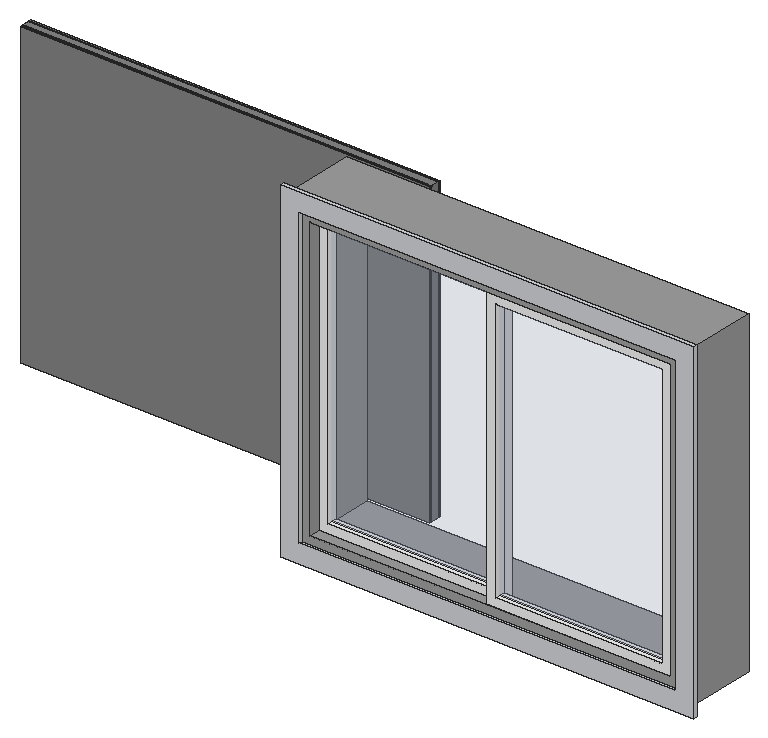
Revit family "חלון פלדה חד כנפי וחלון אלומיניום כנף על כנף", category Windows, host Wall, Revit 2020
Family settings
  Host = Wall
  Always vertical = Yes
  Cut with Voids When Loaded = No
  Shared = No
  Room Calculation Point = No
Parameters (values of type "חלון מרחב מוגן")
  פתיחה משמאל [instance] = yes
  פתיחה מימן [instance] = yes
  פתיחה = Width actual  # 1000 mm
  חומר = Default
  גובה = 1200 mm
  rohav plata yahasi = Width actual - 670 mm  # 330 mm
  rohav klali = Width actual + 17 mm  # 1017 mm
  Width actual = if(Width < 800 mm, 800 mm, (if(Width > 1000 mm, 1000 mm, Width)))  # 1000 mm
  Height = 800 mm
  Heght actual = if(Height < 800 mm, 800 mm, (if(Height > 1000 mm, 1000 mm, Height)))  # 800 mm
  Define Thermal Properties by = Schematic Type
  Default Sill Height = 1080 mm
  Wall Closure = By host
  Width = 1000 mm
  Created by = "ארפל אלומאיר בע\"מ"
  Assembly Code = ""
  Analytic Construction = "<None>"
  עובי פלטה 32 מ"מ [instance] = yes
  עובי פלטה 24 מ"מ [instance] = yes
  עובי פלטה 18 מ"מ [instance] = yes
Reference planes
  plane 1: y = 29
  plane 2 "Center (Left/Right)": x = 0
  plane 3 "Left": x = -500
  plane 4 "Right": x = 500
  plane 5 "Sill": z = 1000
  plane 6 "Exterior": y = 150
  plane 7 "Interior": y = -150
  plane 8: y = -31
  plane 9: x = -1517
  plane 10 "top": z = 1800
  plane 11: x = 1517
  plane 12: x = -300
  plane 13: x = -1320
  plane 14: x = 1320
  plane 15: y = -150
  plane 16: y = -163
Forms (mm)
  Extrusion 1, void
    sketch origin (0, 0, 0) x (1, 0, 0) y (0, 1, 0)
      loop
        line (-500, 29) -> (-500, -150) -> (500, -150) -> (500, 150) -> (-500, 150) -> (-500, 29)
    from 1000 to 1800
  Sweep 2, solid, material "Default 2"
    path origin (0, -150, 0) x (1, 0, 0) y (0, 0, 1)
      loop
        line (-500, 1800) -> (-500, 1000) -> (500, 1000) -> (500, 1800) -> (-500, 1800)
    profile origin (0, -150, 1800) x (0, 0, 1) y (0, -1, 0)
      loop
        line (0, 0) -> (-50, 0) -> (-50, -179) -> (0, -179) -> (0, 0)
  Extrusion 3, void
    sketch origin (0, 0, 0) x (1, 0, 0) y (0, 1, 0)
      loop
        line (-500, 138.5) -> (-1517, 138.5) -> (-1517, 29) -> (-500, 29) -> (-500, 138.5)
    from 1045 to 1800
  Extrusion 4, solid, material "Iron", visible <- "עובי פלטה 24 מ"מ"
    sketch origin (0, 33, 0) x (1, 0, 0) y (0, 1, 0)
      loop
        line (-1320, 30) -> (-1320, 6) -> (-300, 6) -> (-300, 30) -> (-1320, 30)
    from 1050 to 1800
  Sweep 5, solid
    path origin (0, -150, 0) x (1, 0, 0) y (0, 0, 1)
      loop
        line (-500, 1800) -> (-500, 1000) -> (500, 1000) -> (500, 1800) -> (-500, 1800)
    profile origin (0, -150, 1800) x (0, 0, 1) y (0, -1, 0)
      loop
        line (15, 0) -> (15, 10) -> (-30, 10) -> (-30, 0) -> (15, 0)
  Extrusion 6, solid, not visible
    sketch origin (-425, -188, 0) x (1, 0, 0) y (0, 0, 1)
      loop
        line (7.438, 1439.46) -> (22.917, 1439.46)
        arc (22.917, 1439.46) -> (26.109, 1442.765) -> (27.273, 1447.211) r 9.072
        line (27.273, 1447.211) -> (27.273, 1554.388)
        arc (27.273, 1554.388) -> (24.616, 1560.803) -> (18.201, 1563.46) r 9.072
        line (18.201, 1563.46) -> (12.153, 1563.46)
        arc (12.153, 1563.46) -> (5.738, 1560.803) -> (3.081, 1554.388) r 9.072
        line (3.081, 1554.388) -> (3.081, 1447.211)
        arc (3.081, 1447.211) -> (4.245, 1442.765) -> (7.438, 1439.46) r 9.072
    from 67.25 to 79
  Extrusion 7, solid, not visible
    sketch origin (-425, -188, 0) x (1, 0, 0) y (0, 0, 1)
      loop
        arc (15.417, 1392.78) -> (19.603, 1394.445) -> (21.502, 1398.53) r 6.095
        line (21.502, 1398.53) -> (26.004, 1508.223)
        arc (26.004, 1508.223) -> (24.361, 1512.719) -> (19.966, 1514.613) r 6.048
        line (19.966, 1514.613) -> (10.389, 1514.613)
        arc (10.389, 1514.613) -> (5.993, 1512.719) -> (4.35, 1508.223) r 6.048
        line (4.35, 1508.223) -> (8.847, 1398.525)
        arc (8.847, 1398.525) -> (10.924, 1394.271) -> (15.417, 1392.78) r 6.104
    from 67.25 to 88.3
  Extrusion 8, solid, not visible
    sketch origin (-445, -95.75, 0) x (1, 0, 0) y (0, 0, 1)
      loop
        line (7.438, 1439.46) -> (22.917, 1439.46)
        arc (22.917, 1439.46) -> (26.109, 1442.765) -> (27.273, 1447.211) r 9.072
        line (27.273, 1447.211) -> (27.273, 1554.388)
        arc (27.273, 1554.388) -> (24.616, 1560.803) -> (18.201, 1563.46) r 9.072
        line (18.201, 1563.46) -> (12.153, 1563.46)
        arc (12.153, 1563.46) -> (5.738, 1560.803) -> (3.081, 1554.388) r 9.072
        line (3.081, 1554.388) -> (3.081, 1447.211)
        arc (3.081, 1447.211) -> (4.245, 1442.765) -> (7.438, 1439.46) r 9.072
    from 67.25 to 79
  Extrusion 9, solid, not visible
    sketch origin (-445, -95.75, 0) x (1, 0, 0) y (0, 0, 1)
      loop
        arc (15.417, 1392.78) -> (19.603, 1394.445) -> (21.502, 1398.53) r 6.095
        line (21.502, 1398.53) -> (26.004, 1508.223)
        arc (26.004, 1508.223) -> (24.361, 1512.719) -> (19.966, 1514.613) r 6.048
        line (19.966, 1514.613) -> (10.389, 1514.613)
        arc (10.389, 1514.613) -> (5.993, 1512.719) -> (4.35, 1508.223) r 6.048
        line (4.35, 1508.223) -> (8.847, 1398.525)
        arc (8.847, 1398.525) -> (10.924, 1394.271) -> (15.417, 1392.78) r 6.104
    from 67.25 to 88.3
  Extrusion 10, solid, material "Iron", visible <- "עובי פלטה 24 מ"מ", not visible
    sketch origin (0, 33, 0) x (1, 0, 0) y (0, 1, 0)
      loop
        line (-830, 30) -> (-830, 6) -> (-300, 6) -> (-300, 30) -> (-830, 30)
    from 1050 to 1800
  Extrusion 11, solid, material "Iron", visible <- "עובי פלטה 24 מ"מ", not visible
    sketch origin (0, 33, 0) x (-1, 0, 0) y (0, -1, 0)
      loop
        line (-830, -30) -> (-300, -30) -> (-300, -6) -> (-830, -6) -> (-830, -30)
    from 1050 to 1800
  Extrusion 12, solid, material "Iron", visible <- "עובי פלטה 18 מ"מ"
    sketch origin (0, 33, 0) x (1, 0, 0) y (0, 1, 0)
      loop
        line (-1320, 27) -> (-1320, 9) -> (-300, 9) -> (-300, 27) -> (-1320, 27)
    from 1050 to 1800
  Extrusion 13, solid, material "Iron", visible <- "עובי פלטה 18 מ"מ", not visible
    sketch origin (0, 33, 0) x (1, 0, 0) y (0, 1, 0)
      loop
        line (-830, 27) -> (-830, 9) -> (-300, 9) -> (-300, 27) -> (-830, 27)
    from 1050 to 1800
  Extrusion 14, solid, material "Iron", visible <- "עובי פלטה 18 מ"מ", not visible
    sketch origin (0, 33, 0) x (-1, 0, 0) y (0, -1, 0)
      loop
        line (-830, -27) -> (-300, -27) -> (-300, -9) -> (-830, -9) -> (-830, -27)
    from 1050 to 1800
  Extrusion 15, solid, material "Iron", visible <- "עובי פלטה 32 מ"מ"
    sketch origin (0, 33, 0) x (1, 0, 0) y (0, 1, 0)
      loop
        line (-1320, 34) -> (-1320, 2) -> (-300, 2) -> (-300, 34) -> (-1320, 34)
    from 1050 to 1800
  Extrusion 16, solid, material "Iron", visible <- "עובי פלטה 32 מ"מ", not visible
    sketch origin (0, 33, 0) x (1, 0, 0) y (0, 1, 0)
      loop
        line (-830, 34) -> (-830, 2) -> (-300, 2) -> (-300, 34) -> (-830, 34)
    from 1050 to 1800
  Extrusion 17, solid, material "Iron", visible <- "עובי פלטה 32 מ"מ", not visible
    sketch origin (0, 33, 0) x (-1, 0, 0) y (0, -1, 0)
      loop
        line (-830, -34) -> (-300, -34) -> (-300, -2) -> (-830, -2) -> (-830, -34)
    from 1050 to 1800
  Extrusion 18, solid, material "Glass", not visible
    sketch origin (0, -84.75, 0) x (1, 0, 0) y (0, 1, 0)
      loop
        line (385, -1) -> (-385, -1) -> (-385, -11) -> (385, -11) -> (385, -1)
    from 1115 to 1685
  Sweep 19, solid, material "aluminium", not visible
    path origin (0, -57.75, 0) x (1, 0, 0) y (0, 0, 1)
      loop
        line (450, 1750) -> (-450, 1750) -> (-450, 1050) -> (450, 1050) -> (450, 1750)
    profile origin (0, -57.75, 1750) x (0, 0, -1) y (0, -1, 0)
      loop
        line (65, 33) -> (65, 85.25)
        arc (65, 85.25) -> (59.142, 99.392) -> (45, 105.25) r 20
        line (45, 105.25) -> (0, 105.25) -> (0, 20.25) -> (65, 20.25) -> (65, 33)
  Extrusion 20, solid, material "Glass", not visible
    sketch origin (0, -84.75, 0) x (1, 0, 0) y (0, 1, 0)
      loop
        line (385, -1) -> (-385, -1) -> (-385, -11) -> (385, -11) -> (385, -1)
    from 1115 to 1885
  Extrusion 21, solid, material "aluminium", not visible
    sketch origin (-425, -188, 0) x (1, 0, 0) y (0, 0, 1)
      loop
        line (-25, 1950) -> (-25, 1050) -> (875, 1050) -> (875, 1950) -> (-25, 1950)
      loop
        line (810, 1115) -> (810, 1885) -> (40, 1885) -> (40, 1115) -> (810, 1115)
    from -110 to -25
  Extrusion 22, solid, material "aluminium"
    sketch origin (-425, -151, 0) x (1, 0, 0) y (0, 0, 1)
      loop
        line (-25, 1750) -> (-25, 1050) -> (435.5, 1050) -> (435.5, 1750) -> (-25, 1750)
      loop
        line (-4, 1729) -> (-4, 1071) -> (414.5, 1071) -> (414.5, 1729) -> (-4, 1729)
    from -54.75 to -29.25
  Extrusion 23, solid, material "Glass"
    sketch origin (-5000, 161.5, 0) x (-1, 0, 0) y (0, 0, 1)
      loop
        line (-4989.5, 1729) -> (-4989.5, 1071) -> (-4571, 1071) -> (-4571, 1729) -> (-4989.5, 1729)
    from -272.5 to -268.5
  Extrusion 24, solid, material "aluminium"
    sketch origin (425, -176.5, 0) x (-1, 0, 0) y (0, 0, -1)
      loop
        line (-25, -1750) -> (435.5, -1750) -> (435.5, -1050) -> (-25, -1050) -> (-25, -1750)
      loop
        line (-4, -1729) -> (414.5, -1729) -> (414.5, -1071) -> (-4, -1071) -> (-4, -1729)
    from -54.75 to -29.25
  Extrusion 25, solid, material "Glass"
    sketch origin (5000, 136, 0) x (1, 0, 0) y (0, 0, -1)
      loop
        line (-4989.5, -1729) -> (-4571, -1729) -> (-4571, -1071) -> (-4989.5, -1071) -> (-4989.5, -1729)
    from -272.5 to -268.5
Lines and regions (mm)
  symbolic lines, visible <- "עובי פלטה 24 מ"מ"
    curve 1: line (-300, 39, 0) -> (-1320, 39, 0)
    curve 2: line (-1320, 39, 0) -> (-1320, 63, 0)
    curve 3: line (-1320, 63, 0) -> (-300, 63, 0)
    curve 4: line (-300, 63, 0) -> (-300, 39, 0)
  symbolic lines, visible <- "עובי פלטה 24 מ"מ", not visible
    curve 5: line (-300, 39, 0) -> (-830, 39, 0)
    curve 6: line (-830, 39, 0) -> (-830, 63, 0)
    curve 7: line (-830, 63, 0) -> (-300, 63, 0)
    curve 8: line (-300, 63, 0) -> (-300, 39, 0)
    curve 9: line (300, 39, 0) -> (830, 39, 0)
    curve 10: line (300, 63, 0) -> (300, 39, 0)
    curve 11: line (830, 63, 0) -> (300, 63, 0)
    curve 12: line (830, 39, 0) -> (830, 63, 0)
  symbolic lines, visible <- "עובי פלטה 18 מ"מ"
    curve 13: line (-300, 42, 0) -> (-1320, 42, 0)
    curve 14: line (-1320, 42, 0) -> (-1320, 60, 0)
    curve 15: line (-1320, 60, 0) -> (-300, 60, 0)
    curve 16: line (-300, 60, 0) -> (-300, 42, 0)
  symbolic lines, visible <- "עובי פלטה 18 מ"מ", not visible
    curve 17: line (-300, 42, 0) -> (-830, 42, 0)
    curve 18: line (-830, 42, 0) -> (-830, 60, 0)
    curve 19: line (-830, 60, 0) -> (-300, 60, 0)
    curve 20: line (-300, 60, 0) -> (-300, 42, 0)
    curve 21: line (300, 42, 0) -> (830, 42, 0)
    curve 22: line (300, 60, 0) -> (300, 42, 0)
    curve 23: line (830, 60, 0) -> (300, 60, 0)
    curve 24: line (830, 42, 0) -> (830, 60, 0)
  symbolic lines, visible <- "עובי פלטה 32 מ"מ"
    curve 25: line (-300, 35, 0) -> (-1320, 35, 0)
    curve 26: line (-1320, 35, 0) -> (-1320, 67, 0)
    curve 27: line (-1320, 67, 0) -> (-300, 67, 0)
    curve 28: line (-300, 67, 0) -> (-300, 35, 0)
  symbolic lines, visible <- "עובי פלטה 32 מ"מ", not visible
    curve 29: line (-300, 35, 0) -> (-830, 35, 0)
    curve 30: line (-830, 35, 0) -> (-830, 67, 0)
    curve 31: line (-830, 67, 0) -> (-300, 67, 0)
    curve 32: line (-300, 67, 0) -> (-300, 35, 0)
    curve 33: line (300, 35, 0) -> (830, 35, 0)
    curve 34: line (300, 67, 0) -> (300, 35, 0)
    curve 35: line (830, 67, 0) -> (300, 67, 0)
    curve 36: line (830, 35, 0) -> (830, 67, 0)
  symbolic lines, style "opening direc", not visible
    curve 37: line (1361.914, -1623.038, 0) -> (1361.914, -723.038, 0)
    curve 38: line (1386.914, -723.038, 0) -> (1386.914, -1623.038, 0)
    curve 39: arc (1361.914, -1623.038, 0) -> (1998.31, -1359.434, 0) -> (2261.914, -723.038, 0) r 900
  symbolic lines, not visible
    curve 40: line (2141.818, -1527.522, 0) -> (2090.818, -1527.522, 0)
    curve 41: line (2141.818, -1527.522, 0) -> (2141.818, -627.274, 0)
    curve 42: line (2141.818, -627.274, 0) -> (2090.818, -627.274, 0)
    curve 43: line (2090.818, -1527.522, 0) -> (2090.818, -627.274, 0)
    curve 44: arc (2090.818, -627.274, 0) -> (1486.442, -908.224, 0) -> (1240.126, -1527.522, 0) r 901.691
    curve 45: line (2090.818, -772.274, 0) -> (2066.818, -772.274, 0)
    curve 46: line (2066.818, -772.274, 0) -> (2066.818, -747.274, 0)
    curve 47: line (2066.818, -747.274, 0) -> (2090.818, -747.274, 0)
    curve 48: line (2141.818, -772.274, 0) -> (2161.818, -772.274, 0)
    curve 49: line (2161.818, -772.274, 0) -> (2161.818, -747.274, 0)
    curve 50: line (2161.818, -747.274, 0) -> (2141.818, -747.274, 0)
Text (mm)
  text "EXTERIOR" at (1298.082, 1332.353, 0), in view "Ref. Level"
  text "INTERIOR" at (1279.819, -818.386, 0), in view "Ref. Level"
  text "Exterior" at (0, 923.751, 2943.296), in view "Right"
  text "Exterior" at (0, 1040.484, 2685.409), in view "Left"
  text "Tovna" at (-1939.058, 1289.075, 0), in view "Ref. Level"
  text "Tovna" at (884.093, -510.143, 0), in view "Ref. Level"
Dimensions and locks
  equal spacing: plane 3 "Left", plane 2 "Center (Left/Right)", plane 4 "Right"
  "Width actual": plane 3 "Left" to plane 4 "Right"
  plane 5 "Sill" to level = 1000 mm
  locked: plane 6 "Exterior" to host wall
  locked: plane 7 "Interior" to host wall
  "rohav klali": plane 9 to plane 3 "Left"
  "Heght actual": plane 10 "top" to plane 5 "Sill"
  plane 1 to plane 6 "Exterior" = 121 mm
  Extrusion 4 to Extrusion 4 = 24 mm
  equal spacing: plane 9, plane 2 "Center (Left/Right)", plane 11
  plane 3 "Left" to plane 4 "Right" = 1000 mm
  plane 6 "Exterior" to Sweep 2 = 121 mm
  plane 6 "Exterior" to Extrusion 15 = 83 mm
  curve 3 to plane 6 "Exterior" = 87 mm
  plane 6 "Exterior" to Extrusion 12 = 90 mm
  locked: plane 3 "Left" to plane 12 at 200
  equal spacing: plane 13, plane 2 "Center (Left/Right)", plane 14
  locked: plane 9 to plane 13 at 197
  locked: curve 47 to curve 42 at 120
  locked: plane 16 to plane 15 at 13
  locked: Extrusion 23 to Extrusion 23 at 4
  locked: Extrusion 22 to Extrusion 22 at 25.5
  locked: Extrusion 24 to Extrusion 24 at 25.5
  locked: Extrusion 25 to Extrusion 25 at 4
  locked: plane 15 to Extrusion 22 at 28.25
  locked: plane 15 to Extrusion 24 at 2.75
  locked: Extrusion 22 to Extrusion 23 at 14.75
  locked: Extrusion 24 to Extrusion 25 at 14.75
  aligned and locked: plane 1 to Sweep 2
  aligned and locked: plane 9 to Extrusion 3
  aligned and locked: Sweep 2 to Sweep 5
  aligned and locked: plane 10 "top" to Sweep 2
  aligned and locked: plane 10 "top" to Extrusion 4
  aligned and locked: Extrusion 1 to Sweep 2
  aligned and locked: Sweep 2 to Extrusion 3
  aligned and locked: Sweep 19 to Sweep 19  (x2)
  aligned and locked: Extrusion 15 to plane 12
  aligned and locked: Extrusion 12 to plane 12
  aligned and locked: Extrusion 4 to plane 12
  aligned and locked: plane 13 to Extrusion 15
  aligned and locked: plane 13 to Extrusion 12
  aligned and locked: plane 13 to Extrusion 4
  aligned and locked: curve 26 to plane 13
  aligned and locked: Extrusion 15 to Extrusion 12
  aligned and locked: Extrusion 15 to plane 10 "top"
  aligned and locked: plane 10 "top" to Extrusion 15
  aligned and locked: Extrusion 12 to plane 10 "top"
  aligned and locked: plane 15 to plane 7 "Interior"
  aligned and locked: Extrusion 23 to Extrusion 22  (x4)
Automatic sketch dimensions
  Extrusion 6 sketch curve to Extrusion 6 sketch curve = 9.072 mm  (x2)
  Extrusion 6 sketch curve to Extrusion 6 sketch curve = 6.048 mm  (x2)
  Extrusion 6 sketch curve to Extrusion 6 sketch curve = 0 mm
  Extrusion 6 sketch curve to Extrusion 6 sketch curve = 107.178 mm
  Extrusion 6 sketch curve to Extrusion 6 sketch curve = 4.356 mm  (x2)
  Extrusion 7 sketch curve to Extrusion 7 sketch curve = 6.038 mm  (x2)
  Extrusion 7 sketch curve to Extrusion 7 sketch curve = 6.095 mm
  Extrusion 7 sketch curve to Extrusion 7 sketch curve = 0.476 mm
  Extrusion 7 sketch curve to Extrusion 7 sketch curve = 9.577 mm
  Extrusion 7 sketch curve to Extrusion 7 sketch curve = 6.085 mm
  Extrusion 7 sketch curve to Extrusion 7 sketch curve = 0.005 mm
  Extrusion 7 sketch curve to Extrusion 7 sketch curve = 0.34 mm
  Extrusion 7 sketch curve to Extrusion 7 sketch curve = 109.697 mm
  Extrusion 7 sketch curve to Extrusion 7 sketch curve = 0 mm
  Extrusion 7 sketch curve to Extrusion 7 sketch curve = 0.342 mm
  Extrusion 7 sketch curve to Extrusion 7 sketch curve = 4.497 mm
  Extrusion 8 sketch curve to Extrusion 8 sketch curve = 9.072 mm  (x2)
  Extrusion 8 sketch curve to Extrusion 8 sketch curve = 6.048 mm  (x2)
  Extrusion 8 sketch curve to Extrusion 8 sketch curve = 0 mm
  Extrusion 8 sketch curve to Extrusion 8 sketch curve = 107.178 mm
  Extrusion 8 sketch curve to Extrusion 8 sketch curve = 4.356 mm  (x2)
  Extrusion 9 sketch curve to Extrusion 9 sketch curve = 6.038 mm  (x2)
  Extrusion 9 sketch curve to Extrusion 9 sketch curve = 6.095 mm
  Extrusion 9 sketch curve to Extrusion 9 sketch curve = 0.476 mm
  Extrusion 9 sketch curve to Extrusion 9 sketch curve = 9.577 mm
  Extrusion 9 sketch curve to Extrusion 9 sketch curve = 6.085 mm
  Extrusion 9 sketch curve to Extrusion 9 sketch curve = 0.005 mm
  Extrusion 9 sketch curve to Extrusion 9 sketch curve = 0.34 mm
  Extrusion 9 sketch curve to Extrusion 9 sketch curve = 109.697 mm
  Extrusion 9 sketch curve to Extrusion 9 sketch curve = 0 mm
  Extrusion 9 sketch curve to Extrusion 9 sketch curve = 0.342 mm
  Extrusion 9 sketch curve to Extrusion 9 sketch curve = 4.497 mm
  Extrusion 10 sketch curve to Extrusion 10 sketch curve = 24 mm
  Extrusion 11 sketch curve to Extrusion 11 sketch curve = 24 mm
  Extrusion 10 sketch curve to Extrusion 10 sketch curve = 530 mm
  Extrusion 11 sketch curve to Extrusion 11 sketch curve = 530 mm
  Extrusion 13 sketch curve to Extrusion 13 sketch curve = 18 mm
  Extrusion 14 sketch curve to Extrusion 14 sketch curve = 18 mm
  Extrusion 13 sketch curve to Extrusion 13 sketch curve = 530 mm
  Extrusion 14 sketch curve to Extrusion 14 sketch curve = 530 mm
  Extrusion 16 sketch curve to Extrusion 16 sketch curve = 32 mm
  Extrusion 17 sketch curve to Extrusion 17 sketch curve = 32 mm
  Extrusion 16 sketch curve to Extrusion 16 sketch curve = 530 mm
  Extrusion 17 sketch curve to Extrusion 17 sketch curve = 530 mm
  Extrusion 18 sketch curve to Extrusion 18 sketch curve = 770 mm
  Extrusion 18 sketch curve to Extrusion 18 sketch curve = 10 mm
  Sweep 19 sketch curve to profile plane = 0 mm
  Sweep 19 sketch curve to profile plane = 45 mm
  Sweep 19 sketch curve to Sweep 19 sketch curve = 20 mm
  profile plane to Sweep 19 sketch curve = 20.25 mm
  Sweep 19 sketch curve to Sweep 19 sketch curve = 12.75 mm
  Sweep 19 sketch curve to Sweep 19 sketch curve = 52.25 mm
  Sweep 19 sketch curve to Sweep 19 sketch curve = 900 mm
  Sweep 19 sketch curve to Sweep 19 sketch curve = 700 mm
  curve 26 to curve 27 = 1020 mm
  curve 25 to curve 27 = 32 mm
  curve 30 to curve 31 = 530 mm
  curve 29 to curve 33 = 600 mm
  curve 33 to curve 33 = 530 mm
  curve 29 to curve 36 = 0 mm
  curve 29 to curve 31 = 32 mm
  curve 33 to curve 34 = 32 mm
  Extrusion 20 sketch curve to Extrusion 20 sketch curve = 10 mm
  Extrusion 20 sketch curve to Extrusion 20 sketch curve = 770 mm
  Extrusion 21 sketch curve to Extrusion 21 sketch curve = 65 mm  (x3)
  Extrusion 21 sketch curve to Extrusion 21 sketch curve = 770 mm  (x2)
  plane 1 to Extrusion 1 sketch curve = 0 mm
  Extrusion 1 sketch curve to plane 3 "Left" = 0 mm
  Extrusion 1 sketch curve to host wall = 0 mm
  Extrusion 1 sketch curve to plane 4 "Right" = 0 mm
  host wall to Extrusion 1 sketch curve = 0 mm
  plane 3 "Left" to Sweep 2 sketch curve = 0 mm
  plane 4 "Right" to Sweep 2 sketch curve = 0 mm
  Sweep 2 sketch curve to plane 5 "Sill" = 0 mm
  Sweep 2 sketch curve to plane 10 "top" = 0 mm
  Sweep 2 sketch curve to plane 7 "Interior" = 0 mm
  profile plane to Sweep 2 sketch curve = 0 mm
  profile plane to Sweep 2 sketch curve = 50 mm
  Sweep 2 sketch curve to Sweep 2 sketch curve = 179 mm
  curve 14 to plane 13 = 0 mm
  curve 1 to plane 13 = 0 mm
  curve 13 to plane 12 = 0 mm
  curve 25 to plane 12 = 0 mm
  curve 4 to plane 12 = 0 mm
  curve 26 to plane 1 = 6 mm
  curve 25 to curve 4 = 4 mm
  curve 1 to curve 13 = 3 mm
  curve 13 to curve 16 = 18 mm
  curve 15 to curve 3 = 3 mm
  curve 3 to curve 28 = 4 mm
  Extrusion 3 sketch curve to plane 9 = 0 mm
  plane 1 to Extrusion 3 sketch curve = 0 mm
  Extrusion 3 sketch curve to plane 3 "Left" = 0 mm
  Extrusion 3 sketch curve to host wall = 11.5 mm
  Extrusion 4 sketch curve to plane 13 = 0 mm
  Extrusion 4 sketch curve to plane 12 = 0 mm
  Extrusion 4 sketch curve to plane 1 = 10 mm
  Extrusion 4 sketch curve to Extrusion 4 sketch curve = 24 mm
  plane 3 "Left" to Sweep 5 sketch curve = 0 mm
  plane 4 "Right" to Sweep 5 sketch curve = 0 mm
  Sweep 5 sketch curve to plane 5 "Sill" = 0 mm
  Sweep 5 sketch curve to plane 10 "top" = 0 mm
  Sweep 5 sketch curve to plane 7 "Interior" = 0 mm
  plane 7 "Interior" to Sweep 5 sketch curve = 10 mm
  profile plane to Sweep 5 sketch curve = 30 mm
  Sweep 5 sketch curve to profile plane = 15 mm
  Extrusion 12 sketch curve to plane 13 = 0 mm
  Extrusion 12 sketch curve to plane 12 = 0 mm
  Extrusion 12 sketch curve to plane 1 = 13 mm
  Extrusion 12 sketch curve to Extrusion 12 sketch curve = 18 mm
  Extrusion 15 sketch curve to plane 13 = 0 mm
  Extrusion 15 sketch curve to plane 12 = 0 mm
  Extrusion 15 sketch curve to plane 1 = 6 mm
  Extrusion 15 sketch curve to Extrusion 15 sketch curve = 32 mm
  Extrusion 22 sketch curve to plane 3 "Left" = 50 mm
  Extrusion 22 sketch curve to Extrusion 22 sketch curve = 21 mm  (x3)
  Extrusion 22 sketch curve to plane 2 "Center (Left/Right)" = 10.5 mm
  plane 2 "Center (Left/Right)" to Extrusion 22 sketch curve = 10.5 mm
  Extrusion 22 sketch curve to plane 5 "Sill" = 50 mm
  Extrusion 22 sketch curve to plane 10 "top" = 71 mm
  Extrusion 23 sketch curve to plane 2 "Center (Left/Right)" = 10.5 mm
  Extrusion 23 sketch curve to plane 3 "Left" = 71 mm
  Extrusion 23 sketch curve to plane 5 "Sill" = 71 mm
  Extrusion 23 sketch curve to plane 10 "top" = 71 mm
  plane 4 "Right" to Extrusion 24 sketch curve = 50 mm
  Extrusion 24 sketch curve to Extrusion 24 sketch curve = 21 mm  (x3)
  plane 2 "Center (Left/Right)" to Extrusion 24 sketch curve = 10.5 mm
  Extrusion 24 sketch curve to plane 2 "Center (Left/Right)" = 10.5 mm
  Extrusion 24 sketch curve to plane 10 "top" = 50 mm
  Extrusion 24 sketch curve to plane 5 "Sill" = 71 mm
  plane 2 "Center (Left/Right)" to Extrusion 25 sketch curve = 10.5 mm
  plane 4 "Right" to Extrusion 25 sketch curve = 71 mm
  Extrusion 25 sketch curve to plane 10 "top" = 71 mm
  Extrusion 25 sketch curve to plane 5 "Sill" = 71 mm
